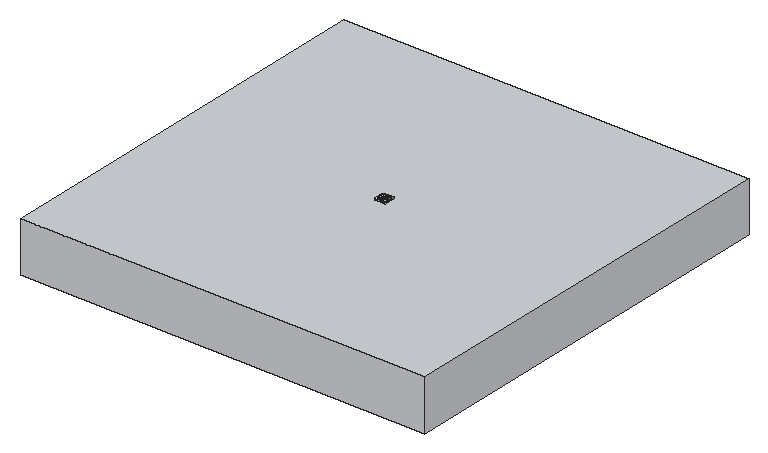
Revit family "Gira_565103", category Allgemeines Modell, Revit 2017
Family settings
  Basisbauteil = Fläche
  Kann Basisbauteil für Bewehrung sein = Nein
  Bemaßung runder Anschluss = Durchmesser verwenden
  Teiletyp = Normal
  Beim Laden mit Abzugskörper schneiden = Nein
  Gemeinsam genutzt = Nein
  Raumberechnungspunkt = Nein
Parameters
  Zusammenstellung = "Zentralplatte"
  Werkstoffgüte = "sonstige"
  Werkstoff = "sonstige"
  Default Elevation = 1219.2 mm
  Verwendung = "Sat"
  URL = "https://www.gira.de/"
  Typname = "SAT-F-Buchse 2f Kpl. Einsatz Reinweiß"
  Transparent = no
  Tragring = yes
  RAL-Nummer (ähnlich) = 9010
  Produktseite = "http://katalog.gira.de/de_DE/datenblatt.html?artikelnr=565103"
  Oberfläche = "sonstige"
  Montageart = "Unterputz"
  Mit Zugentlastung = no
  Mit Staubschutz = no
  Mit Klappdeckel = no
  Mit Aufdruck = no
  Lüsterklemme = no
  Hersteller = "Gira"
  Halogenfrei = no
  HAN = "565103"
  Geeignet für Schutzart (IP) = "IP20"
  GTIN = "4010337461005"
  Farbe = "weiß"
  Datenblatt = "https://katalog.gira.de/de_DE/download.html?artikelnr=565103"
  Beschriftungsfeld = "ohne Beschriftungsfeld"
  Beschreibung = "Einsatz SAT-F-Buchse 2fach Kupplung Reinweiß glänzend Hinweise : - Nur für Schraubbefestigung. - Achtung! Bauraum für Stecker und Biegeradien beachten. - Bei Einsätzen mit Kupplungen beachten:   Nicht für Kanalinstallation und Standard-Gerätedose geeignet.   Anschluss mit Winkelsteckern empfohlen. - Installationsempfehlung:   Kaiser Elektronic-Dosen   Unterputz-Montage: Kaiser Best.-Nr.: 1068-02   Hohlwandmontage: Kaiser Best.-Nr.: 9062-94   Betoninstallation: Kaiser Best.-Nr.: 1268-40"
  Befestigungsart = "Befestigung mit Schraube"
  BIM = "https://media.stage.bim.site/public/gira/ce1eeae/SAT-F-Buchse%202fach_Kpl.%20Eins.%20RW.rfa?public/gira/ce1eeae/SAT-F-Buchse 2fach_Kpl. Eins. RW.rfa"
  Ausführung der Oberfläche = "glänzend"
Reference planes
  plane 1 "Center (Front/Back)": y = 0
  plane 2: z = 0
  plane 3 "Center (Left/Right)": x = 0
Forms (mm)
  Extrusion 1, solid
    sketch origin (0, 0, 0) x (1, 0, 0) y (0, 1, 0)
      loop
        line (-1219.2, 1219.2) -> (-1219.2, -1219.2) -> (1219.2, -1219.2) -> (1219.2, 1219.2) -> (-1219.2, 1219.2)
    from 0 to -304.8
  Extrusion 2, solid, detail levels fine
    sketch origin (0, 0, 0) x (1, 0, 0) y (0, 1, 0)
      loop
        arc (-27.45, 35.45) -> (-33.107, 33.107) -> (-35.45, 27.45) r 8
        line (-35.45, 27.45) -> (-35.45, -27.45)
        arc (-35.45, -27.45) -> (-33.107, -33.107) -> (-27.45, -35.45) r 8
        line (-27.45, -35.45) -> (27.45, -35.45)
        arc (27.45, -35.45) -> (33.107, -33.107) -> (35.45, -27.45) r 8
        line (35.45, -27.45) -> (35.45, 27.45)
        arc (35.45, 27.45) -> (33.107, 33.107) -> (27.45, 35.45) r 8
        line (27.45, 35.45) -> (-27.45, 35.45)
      loop
        arc (-25.25, -13.984) -> (-20.435, -20.435) -> (-13.984, -25.25) r 28
        line (-13.984, -25.25) -> (13.984, -25.25)
        arc (13.984, -25.25) -> (20.435, -20.435) -> (25.25, -13.984) r 28
        line (25.25, -13.984) -> (25.25, 13.984)
        arc (25.25, 13.984) -> (20.435, 20.435) -> (13.984, 25.25) r 28
        line (13.984, 25.25) -> (-13.984, 25.25)
        arc (-13.984, 25.25) -> (-20.435, 20.435) -> (-25.25, 13.984) r 28
        line (-25.25, 13.984) -> (-25.25, -13.984)
    from 0 to 2
  Extrusion 3, solid, detail levels fine
    sketch origin (0, 0, 0) x (1, 0, 0) y (0, 1, 0)
      loop
        line (-24.25, 13.728) -> (-24.25, -13.728)
        arc (-24.25, -13.728) -> (-19.728, -19.728) -> (-13.728, -24.25) r 27
        line (-13.728, -24.25) -> (13.728, -24.25)
        arc (13.728, -24.25) -> (19.728, -19.728) -> (24.25, -13.728) r 27
        line (24.25, -13.728) -> (24.25, 13.728)
        arc (24.25, 13.728) -> (19.728, 19.728) -> (13.728, 24.25) r 27
        line (13.728, 24.25) -> (-13.728, 24.25)
        arc (-13.728, 24.25) -> (-19.728, 19.728) -> (-24.25, 13.728) r 27
      loop
        arc (13.984, -25.25) -> (20.435, -20.435) -> (25.25, -13.984) r 28
        line (25.25, -13.984) -> (25.25, 13.984)
        arc (25.25, 13.984) -> (20.435, 20.435) -> (13.984, 25.25) r 28
        line (13.984, 25.25) -> (-13.984, 25.25)
        arc (-13.984, 25.25) -> (-20.435, 20.435) -> (-25.25, 13.984) r 28
        line (-25.25, 13.984) -> (-25.25, -13.984)
        arc (-25.25, -13.984) -> (-20.435, -20.435) -> (-13.984, -25.25) r 28
        line (-13.984, -25.25) -> (13.984, -25.25)
    from 0 to 3
  Extrusion 4, solid, detail levels fine
    sketch origin (0, 0, 0) x (1, 0, 0) y (0, 1, 0)
      loop
        line (-21.948, 21.948) -> (-21.948, -21.948) -> (21.948, -21.948) -> (21.948, 21.948) -> (-21.948, 21.948)
      loop
        line (-20.426, -20.426) -> (20.426, -20.426) -> (20.426, 20.426) -> (-20.426, 20.426) -> (-20.426, -20.426)
    from -8.21 to -1.551
  Extrusion 5, solid, detail levels fine
    sketch origin (0, 0, 0) x (1, 0, 0) y (0, 1, 0)
      loop
        line (-21.948, 21.948) -> (-21.948, -21.948) -> (21.948, -21.948) -> (21.948, 21.948) -> (-21.948, 21.948)
    from -10.4 to -8.21
  Extrusion 6, solid, detail levels fine
    sketch origin (0, 0, 0) x (1, 0, 0) y (0, 1, 0)
      loop
        arc (-18.45, 23.95) -> (-22.339, 22.339) -> (-23.95, 18.45) r 5.5
        line (-23.95, 18.45) -> (-23.95, -18.45)
        arc (-23.95, -18.45) -> (-22.339, -22.339) -> (-18.45, -23.95) r 5.5
        line (-18.45, -23.95) -> (18.45, -23.95)
        arc (18.45, -23.95) -> (22.339, -22.339) -> (23.95, -18.45) r 5.5
        line (23.95, -18.45) -> (23.95, 18.45)
        arc (23.95, 18.45) -> (22.339, 22.339) -> (18.45, 23.95) r 5.5
        line (18.45, 23.95) -> (-18.45, 23.95)
      loop
        line (21.948, 21.948) -> (-21.948, 21.948) -> (-21.948, -21.948) -> (21.948, -21.948) -> (21.948, 21.948)
    from -5 to 0
  Extrusion 7, solid, detail levels fine
    sketch origin (0, 0, 0) x (1, 0, 0) y (0, 1, 0)
      loop
        line (-23.95, 13.666) -> (-23.95, -13.666)
        arc (-23.95, -13.666) -> (-19.522, -19.522) -> (-13.666, -23.95) r 26.7
        line (-13.666, -23.95) -> (13.666, -23.95)
        arc (13.666, -23.95) -> (19.522, -19.522) -> (23.95, -13.666) r 26.7
        line (23.95, -13.666) -> (23.95, 13.666)
        arc (23.95, 13.666) -> (19.522, 19.522) -> (13.666, 23.95) r 26.7
        line (13.666, 23.95) -> (-13.666, 23.95)
        arc (-13.666, 23.95) -> (-19.522, 19.522) -> (-23.95, 13.666) r 26.7
      loop
        line (-22.517, 13.346) -> (-22.517, -13.287)
        arc (-22.517, -13.287) -> (-18.509, -18.509) -> (-13.287, -22.517) r 25.267
        line (-13.287, -22.517) -> (12.913, -22.517)
        spline (12.913, -22.517) -> (13.888, -21.967) -> (14.838, -21.372) -> (15.76, -20.736) -> (16.652, -20.058) -> (17.513, -19.341) -> (18.34, -18.586) -> (19.133, -17.794) -> (19.889, -16.967) -> (20.607, -16.107) -> (21.285, -15.216) -> (21.922, -14.295) -> (22.517, -13.346)
        line (22.517, -13.346) -> (22.517, 12.913)
        spline (22.517, 12.913) -> (21.967, 13.888) -> (21.372, 14.838) -> (20.736, 15.76) -> (20.058, 16.652) -> (19.341, 17.513) -> (18.586, 18.34) -> (17.794, 19.133) -> (16.967, 19.889) -> (16.107, 20.607) -> (15.216, 21.285) -> (14.295, 21.922) -> (13.346, 22.517)
        line (13.346, 22.517) -> (-12.913, 22.517)
        spline (-12.913, 22.517) -> (-13.888, 21.967) -> (-14.838, 21.372) -> (-15.76, 20.736) -> (-16.652, 20.058) -> (-17.513, 19.341) -> (-18.34, 18.586) -> (-19.133, 17.794) -> (-19.889, 16.967) -> (-20.607, 16.107) -> (-21.285, 15.216) -> (-21.922, 14.295) -> (-22.517, 13.346)
    from -1.551 to 6.462
  Extrusion 8, solid, detail levels fine
    sketch origin (0, 0, 0) x (1, 0, 0) y (0, 1, 0)
      loop
        circle (-11, 0) r 4.7
      loop
        circle (11, 0) r 4.7
    from -20.65 to 0.35
  Extrusion 9, solid, detail levels fine
    sketch origin (0, 0, 0) x (1, 0, 0) y (0, 1, 0)
      loop
        circle (-11, 0) r 6.25
      loop
        circle (11, 0) r 6.25
    from -12.912 to -10.4
  Extrusion 10, solid, detail levels coarse
    sketch origin (0, 0, 0) x (1, 0, 0) y (0, 1, 0)
      loop
        line (-35.45, -35.45) -> (35.45, -35.45) -> (35.45, 35.45) -> (-35.45, 35.45) -> (-35.45, -35.45)
    from -20.65 to 6.462
  Extrusion 11, solid, detail levels medium
    sketch origin (0, 0, 0) x (1, 0, 0) y (0, 1, 0)
      loop
        line (-35.45, -35.45) -> (35.45, -35.45) -> (35.45, 35.45) -> (-35.45, 35.45) -> (-35.45, -35.45)
    from 0 to 2
  Extrusion 12, solid, detail levels medium
    sketch origin (0, 0, 0) x (1, 0, 0) y (0, 1, 0)
      loop
        line (-23.95, 23.95) -> (-23.95, -23.95) -> (23.95, -23.95) -> (23.95, 23.95) -> (-23.95, 23.95)
    from -1.551 to 6.462
Dimensions and locks
  aligned and locked: plane 2 to Extrusion 1
  aligned and locked: level to Extrusion 1
Connectors
  electrical at (0, 0, -20.65)
    settings: on Extrusion 10, index 1, voltage 220 V, apparent load 0 VA, apparent load phase1 0 VA, apparent load phase2 0 VA, apparent load phase3 0 VA, power factor 1, load classification "Other", number of poles 1, system type 31, power factor state 1, is connector primary yes, connector utility no, sub classification motor no, connector description ""
